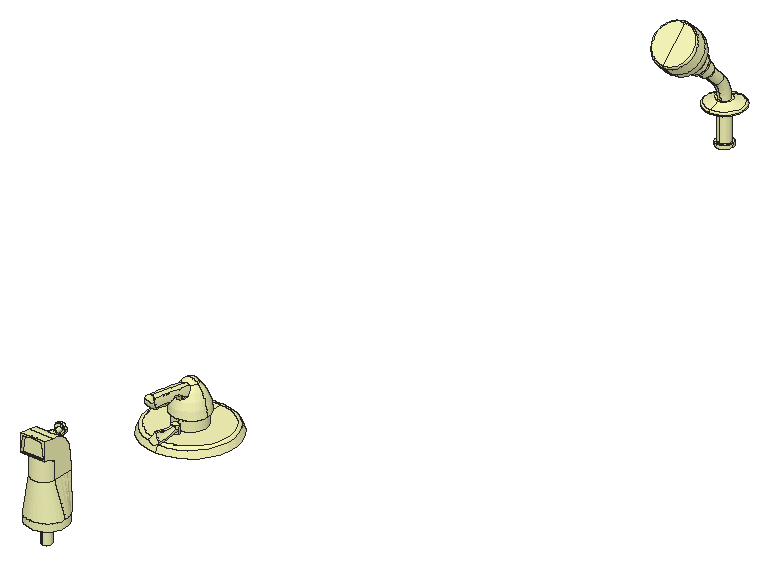
Revit family "S-9602-PLR-TRM", category Plumbing Fixtures, host Face, Revit 2019
Family settings
  Host = Face
  Round Connector Dimension = Use Diameter
  Part Type = Normal
  OmniClass Number = 23.65.70.11.11
  OmniClass Title = Fixtures for Liquids
  Cut with Voids When Loaded = No
  Shared = No
  Room Calculation Point = No
Parameters (values of type "2.0 GPM Flow Restrictor, Satin Nickel")
  z Wide Lever = 0
  z Visibility = yes
  z Valve = M Valve&diverter : Chrome
  z Type Model = 0
  z Type GPM = 0
  z Type Finish = 0
  z Type = 0
  z Slip On Tub = 0
  z Showerhead = shower head : Chrome
  z Reverse Core = 0
  z Pipe Radius = 0.000"
  z Overall Width = 0.000"
  z Overall Height = 0.000"
  z Overall Depth = 0.000"
  z Offset = 0.000"
  z Integral Service Stops = 0
  z Has Wide Lever Handle = yes
  z Has Volume Control = yes
  z Has Trim = no
  z Has Slip On Tub Spout = yes
  z Has Showerhead = yes
  z Has Reverse Core = yes
  z Has Rebuild Kit Trim Only = no
  z Has Integral Service Stops = yes
  z Has Check Stops = yes
  z Has 2.0 GPM Flow Restrictor = yes
  z Has 1.5 GPM Flow Restrictor = yes
  z Has .5 Inch Female Connections = yes
  z GPM Number = 0
  z GPM GPM = 0.000 GPM
  z Flow Rate = 0
  z Error Box Width = 0.000"
  z Error Box Height = 0.000"
  z Error Box Depth = 0.000"
  z .5 Inch Female Connections = 0
  z  Showerhead = 0
  Waste Connection = no
  Vent Connection = no
  URL = ""
  Product Material = Nickel - Symmons - Satin
  Model = ""
  Manufacturer = ""
  HW Connection = no
  Gallons Per Minute = 2.000 GPM
  Description = ""
  Default Elevation = 0.000"
  Date Modified = ""
  Date Created = ""
  CW Connection = no
Types (8): name | z Visibility | z Has Wide Lever Handle | z Has Volume Control | z Has Slip On Tub Spout | z Has Showerhead | z Has Reverse Core | z Has Integral Service Stops | z Has Check Stops | z Has 2.0 GPM Flow Restrictor | z Has 1.5 GPM Flow Restrictor | z Has .5 Inch Female Connections | Product Material | Gallons Per Minute
  1.2 GPM Flow Restrictor, Chrome | no | no | no | no | no | no | no | no | no | no | no | Chrome - Symmons - Polished | 1.200 GPM
  1.2 GPM Flow Restrictor, Satin Nickel | yes | no | no | no | no | no | no | no | no | no | no | Nickel - Symmons - Satin | 1.200 GPM
  1.5 GPM Flow Restrictor, Satin Nickel | no | yes | yes | yes | yes | no | no | no | no | no | no | Nickel - Symmons - Satin | 1.500 GPM
  1.75 GPM Flow Restrictor, Satin Nickel | yes | yes | yes | yes | yes | yes | yes | yes | yes | yes | yes | Nickel - Symmons - Satin | 1.750 GPM
  2.0 GPM Flow Restrictor, Satin Nickel | yes | yes | yes | yes | yes | yes | yes | yes | yes | yes | yes | Nickel - Symmons - Satin | 2.000 GPM
  1.5 GPM Flow Restrictor, Chrome | yes | no | no | no | no | no | no | no | no | no | no | Chrome - Symmons - Polished | 1.500 GPM
  1.75 GPM Flow Restrictor, Chrome | yes | yes | yes | yes | yes | yes | yes | yes | yes | yes | yes | Chrome - Symmons - Polished | 1.750 GPM
  2.0 GPM Flow Restrictor, Chrome | yes | yes | yes | yes | yes | yes | yes | yes | yes | yes | yes | Chrome - Symmons - Polished | 2.000 GPM
Reference planes (in)
  plane 1 "Center (Front/Back)": y = 0
  plane 2 "Center (Elevation)": z = 0
  plane 3 "Center (Left/Right)": x = 0
  plane 4: x = -3.75
  plane 5: y = 28.5
  plane 6: x = 3.75
  plane 7: z = 0
  plane 8: z = 9.325
  plane 9: y = -12
  plane 10: y = 45
  plane 11: z = 0
Dimensions and locks (in)
  equal spacing: plane 4, plane 3 "Center (Left/Right)", plane 6
  plane 4 to plane 6 = 7.500"
  plane 5 to plane 1 "Center (Front/Back)" = 28.500"
  plane 7 to plane 2 "Center (Elevation)" = 0.000"
  plane 8 to plane 7 = 9.325"
  locked: plane 1 "Center (Front/Back)" to plane 9 at 12
  locked: plane 10 to plane 1 "Center (Front/Back)" at 45
  plane 11 to plane 7 = 0.000"
  plane 10 to plane 9 = 57.000"
  aligned and locked: plane 2 "Center (Elevation)" to host face
  aligned and locked: level to host face
Automatic sketch dimensions
  host sketch curve to host sketch curve = 7.44425"
  host sketch curve to host sketch curve = 68.37699"
Nested families (in)
  nested 1: "shower head" at (0, 44.98453, 0), type "Chrome"
    with z Pipe Radius 0.250", z Overall Width 2.500", z Overall Height 2.500", z Overall Depth 7.500", z Offset 1.000", Part Number "", Part Description "Single Mode Showerhead, 2.0 Flow Rate Restrictor, Chrome", Equipment Number "", Gallons Per Minute 2.000 GPM
  nested 2: "M Valve&diverter" at (-0.00649, 0.06617, 0), type "Satin Nickel"
    with zz Length 9 4.000", zz Length 10 0.100", Part Number "3500-CYL-B", Part Description "Shower Valve System with Symmons Temptrol mixing valve,Chrome", Equipment Number ""
  nested 3: "faucet" at (0, -12.01, 0), type "Satin Nickel"
    with zz Length 9 0.000", zz Length 10 0.100", Part Number "", Part Description "Shower Valve System with Symmons Temptrol mixing valve,Chrome", Equipment Number ""
Connectors (in)
  piping at (0, 44.98453, -2.375), diameter 0.5
    settings: on nested 1, index 3, connector inside diameter 24", connector length 0.000", flow factor 0, pipe flow 0.000 GPM, pressure drop 0.00 psi, fitting loss kfactor 0, connector angle 0.000°, fixture units 0, engagement length 0.000", angle of deflection 0.000°, flow configuration 0, flow direction 0, fitting loss method 0, system type 29, joint type 0, gender type 0, connector reference index -1, connector utility 0, adjustable connector no, is connector primary yes, connector description "Shower Head Supply"
  piping at (0, -12.01, -1.36414), diameter 0.5
    settings: on nested 3, index 4, connector inside diameter 24", connector length 0.000", flow factor 0, pipe flow 0.000 GPM, pressure drop 0.00 psi, fitting loss kfactor 0, connector angle 0.000°, fixture units 0, engagement length 0.000", angle of deflection 0.000°, flow configuration 0, flow direction 0, fitting loss method 0, system type 29, joint type 0, gender type 0, connector reference index -1, connector utility 0, adjustable connector no, is connector primary no, connector description "Faucet Supply"
Definition of nested family "shower head"
  Parameters (values of type "Chrome")
    z Type GPM = 2
    z Type Flow Restrictor = 1
    z Type Finish = 1
    z Pipe Radius [instance] = 0.500"
    z Overall Width [instance] = 2.500"
    z Overall Height [instance] = 2.500"
    z Overall Depth [instance] = 7.500"
    z Offset [instance] = 1.000"
    z GPM Number = 2
    z GPM GPM = 1.000 GPM
    URL = "http://www.symmons.com/"
    Product Page URL = "http://www.symmons.com/Bathroom-Products/Duro/Symmons-Duro-Showerhead-362SH.aspx"
    Product Material = none
    Product Documentation Link = ""
    Part Number [instance] = "352SH-2.0"
    Part Description [instance] = "Single Mode Showerhead, 2.0 Flow Rate Restrictor, Chrome"
    Model Disclaimer = "Contact Symmons Industries, Inc. For More Information"
    Model = "352SH-2.0"
    Manufacturer = "Symmons Industries, Inc."
    Gallons Per Minute = 1.200 GPM
    Family Version = "1.0"
    Equipment Number [instance] = ""
    Equipment Abbreviation = "SH"
    Description = "Single Mode Showerhead, 2.0 Flow Rate Restrictor, Chrome"
    Default Elevation = 77.000"
    Date Modified = "January 30, 2015"
    Date Created = "January 30, 2015"
    Copyright = "©2015 Symmons Industries, Inc."
  Types (2): name | z Type GPM | z Type Flow Restrictor | z Type Finish | z Pipe Radius | z GPM Number | z GPM GPM | URL | Product Page URL | Part Number | Part Description | Model Disclaimer | Model | Manufacturer | Gallons Per Minute | Family Version | Equipment Abbreviation | Description | Default Elevation | Date Modified | Date Created | Copyright
    Satin Nickel | 0 | 0 | 0 | 0.250" | 0 | 0.000 GPM | "" | "" | "" | "" | "" | "" | "" | 0.000 GPM | "" | "" | "" | 0.000" | "" | "" | ""
    Chrome | 2 | 1 | 1 | 0.500" | 2 | 1.000 GPM | "http://www.symmons.com/" | "http://www.symmons.com/Bathroom-Products/Duro/Symmons-Duro-Showerhead-362SH.aspx" | "352SH-2.0" | "Single Mode Showerhead, 2.0 Flow Rate Restrictor, Chrome" | "Contact Symmons Industries, Inc. For More Information" | "352SH-2.0" | "Symmons Industries, Inc." | 1.200 GPM | "1.0" | "SH" | "Single Mode Showerhead, 2.0 Flow Rate Restrictor, Chrome" | 77.000" | "January 30, 2015" | "January 30, 2015" | "©2015 Symmons Industries, Inc."
  Reference planes (in)
    plane 1 "Center (Front/Back)": y = 0
    plane 2 "Center (Elevation)": z = 0
    plane 3 "Center (Left/Right)": x = 0
    plane 4: x = -1.25
    plane 5: y = 1.25
    plane 6: y = -1.25
    plane 7: x = 1.25
    plane 8: z = -1
    plane 9: z = 6.5
    plane 10: z = 0
    plane 11: y = -0.5
    plane 12: z = 0.33234
    plane 13: z = 0.15
    plane 14: y = -0.5695
  Forms (in)
    Extrusion 1, solid
      sketch origin (0, 0, 0) x (1, 0, 0) y (0, 1, 0)
        loop
          line (-1.75, 1.5) -> (-1.75, -1.77927) -> (1.52741, -1.77927) -> (1.52741, 1.5) -> (-1.75, 1.5)
      from 0 to -0.35383
    Revolve 2, solid, material <- "Product Material"
      sketch origin (0, 0, 0) x (0, 1, 0) y (0, 0, 1)
        loop
          line (0, 0.43) -> (-0.531, 0.43)
          arc (-0.531, 0.43) -> (-0.83077, 0.27718) -> (-1.152, 0.17705) r 1.98967
          arc (-1.152, 0.17705) -> (-1.22247, 0.13328) -> (-1.25, 0.05503) r 0.12497
          line (-1.25, 0.05503) -> (-1.25, 0) -> (-0.40524, 0) -> (-0.40524, -2.0983) -> (-0.37019, -2.11854) -> (-0.40524, -2.1364) -> (-0.40524, -2.16734) -> (-0.37033, -2.1875) -> (0, -2.1875) -> (0, 0.43)
        axis (0, -2.1875) -> (0, 0.43)
      angle from 0 to 360
    Revolve 3, solid, material <- "Product Material"
      sketch origin (0, 0, 0) x (0, 1, 0) y (0, 0, 1)
        loop
          line (-1.44893, 2.69442) -> (-4.27736, 5.52285) -> (-5.19512, 4.60509)
          arc (-5.19512, 4.60509) -> (-5.20669, 4.53512) -> (-5.17463, 4.47185) r 0.11397
          line (-5.17463, 4.47185) -> (-4.60328, 3.9005)
          arc (-4.60328, 3.9005) -> (-4.06, 3.55859) -> (-3.42138, 3.49354) r 1.40724
          arc (-3.42138, 3.49354) -> (-3.29656, 3.50007) -> (-3.18333, 3.44713) r 0.25784
          arc (-3.18333, 3.44713) -> (-3.16288, 3.42915) -> (-3.13674, 3.43676) r 0.02828
          line (-3.13674, 3.43676) -> (-3.09845, 3.47505) -> (-3.07648, 3.45308) -> (-3.11506, 3.4145) -> (-3.11506, 3.38343) -> (-3.08249, 3.416) -> (-3.02529, 3.4439) -> (-3.05483, 3.38834) -> (-3.03131, 3.36481) -> (-2.98876, 3.40736) -> (-2.96619, 3.38479) -> (-3.04685, 3.30413) -> (-2.85198, 3.10926) -> (-2.68557, 3.27567) -> (-2.66164, 3.24392) -> (-2.68364, 3.22193) -> (-2.636, 3.17429) -> (-2.67763, 3.13266) -> (-2.65558, 3.11061) -> (-2.7474, 3.01878)
          arc (-2.7474, 3.01878) -> (-2.70574, 3.00152) -> (-2.66407, 3.01878) r 0.05892
          line (-2.66407, 3.01878) -> (-2.54206, 3.14079)
          arc (-2.54206, 3.14079) -> (-2.44086, 3.09588) -> (-2.33184, 3.07652) r 0.45876
          line (-2.33184, 3.07652) -> (-2.26301, 3.00769) -> (-2.32244, 2.90048) -> (-1.92136, 2.49939) -> (-1.87345, 2.54729) -> (-1.85127, 2.52511) -> (-1.80643, 2.53464) -> (-1.81792, 2.49176) -> (-1.79616, 2.47) -> (-1.75329, 2.48149) -> (-1.76477, 2.43861) -> (-1.73476, 2.4086) -> (-1.44893, 2.69442)
        axis (-1.44893, 2.69442) -> (-4.27736, 5.52285)
      angle from 0 to 360
    Sweep 4, solid, material <- "Product Material"
      path origin (0, 0, 0) x (0, 1, 0) y (0, 0, 1)
        loop
          line (-1.4794, 2.72506) -> (-0.65089, 1.89655)
          arc (-0.65089, 1.89655) -> (-0.1891, 1.22379) -> (0, 0.43) r 2.23181
      profile origin (0, -1.06515, 2.3108) x (0, 0.707107, 0.707107) y (1, 0, 0)
        loop
          circle (-0.00012, 0) r 0.35413
    Extrusion 5, solid, material <- "Product Material"
      sketch origin (0, 0, 0) x (1, 0, 0) y (0, 1, 0)
        loop
          circle (0, 0) r 0.40524
        loop
          circle (0, 0) r 0.54462
      from -2.375 to -2.1875
  Lines and regions (in)
    Masking region 1
      outline origin (0, 0, 0) x (1, 0, 0) y (0, 0, 1)
        loop
          line (-1.25, 0) -> (-0.5, 0) -> (-0.5, -1) -> (0.5, -1) -> (0.5, 0) -> (1.25, 0) -> (1.25, 0.14959) -> (0.5695, 0.33234) -> (0.5, 0.33234) -> (0.5, 6.26256)
          spline (0.5, 6.26256) -> (0.53792, 6.27801) -> (0.5732, 6.29456) -> (0.60567, 6.31211) -> (0.63516, 6.33059) -> (0.66153, 6.3499) -> (0.68465, 6.36995) -> (0.70441, 6.39063) -> (0.72072, 6.41185) -> (0.73348, 6.43351) -> (0.74264, 6.45549) -> (0.74816, 6.47769) -> (0.75, 6.5)
          line (0.75, 6.5) -> (0.75, 7.07479) -> (1.25, 7.36347) -> (1.49591, 7.60938) -> (1.49591, 8.60938)
          spline (1.49591, 8.60938) -> (1.44494, 8.76866) -> (1.2955, 8.91709) -> (1.05777, 9.04454) -> (0.74795, 9.14235) -> (0.38717, 9.20383) -> (0, 9.2248) -> (-0.38717, 9.20383) -> (-0.74795, 9.14235) -> (-1.05777, 9.04454) -> (-1.2955, 8.91709) -> (-1.44494, 8.76866) -> (-1.49591, 8.60938)
          line (-1.49591, 8.60938) -> (-1.49591, 7.60938) -> (-1.25, 7.36347) -> (-0.75, 7.07479) -> (-0.75, 6.5)
          spline (-0.75, 6.5) -> (-0.74816, 6.47769) -> (-0.74264, 6.45549) -> (-0.73348, 6.43351) -> (-0.72072, 6.41185) -> (-0.70441, 6.39063) -> (-0.68465, 6.36995) -> (-0.66153, 6.3499) -> (-0.63516, 6.33059) -> (-0.60567, 6.31211) -> (-0.5732, 6.29456) -> (-0.53792, 6.27801) -> (-0.5, 6.26256)
          line (-0.5, 6.26256) -> (-0.5, 0.33234) -> (-0.5695, 0.33234) -> (-1.25, 0.14959) -> (-1.25, 0)
    symbolic lines, detail levels fine
      curve 1: line (-0.5, 0, 0.33234) -> (0.5, 0, 0.33234)
      curve 2: line (-1.25, 0, 0.14959) -> (1.25, 0, 0.14959)
      curve 3: spline (-0.5, 0, 6.26256) -> (-0.67885, 0, 6.36457) -> (-0.74948, 0, 6.48818) -> (-0.70063, 0, 6.61367) -> (-0.54008, 0, 6.72104) -> (-0.29343, 0, 6.79317) -> (0, 0, 6.81857) -> (0.29343, 0, 6.79317) -> (0.54008, 0, 6.72104) -> (0.70063, 0, 6.61367) -> (0.74948, 0, 6.48818) -> (0.67885, 0, 6.36457) -> (0.5, 0, 6.26256)
      curve 4: spline (-1.49591, 1.25, 7.60938) -> (-1.44494, 1.25, 7.80085) -> (-1.2955, 1.25, 7.97927) -> (-1.05777, 1.25, 8.13249) -> (-0.74795, 1.25, 8.25006) -> (-0.38717, 1.25, 8.32397) -> (0, 1.25, 8.34917) -> (0.38717, 1.25, 8.32397) -> (0.74795, 1.25, 8.25006) -> (1.05777, 1.25, 8.13249) -> (1.2955, 1.25, 7.97927) -> (1.44494, 1.25, 7.80085) -> (1.49591, 1.25, 7.60938)
      curve 5: spline (-0.5, 1.25, 6.5) -> (-0.48296, 1.25, 6.55497) -> (-0.43301, 1.25, 6.60619) -> (-0.35355, 1.25, 6.65017) -> (-0.25, 1.25, 6.68392) -> (-0.12941, 1.25, 6.70514) -> (0, 1.25, 6.71238) -> (0.12941, 1.25, 6.70514) -> (0.25, 1.25, 6.68392) -> (0.35355, 1.25, 6.65017) -> (0.43301, 1.25, 6.60619) -> (0.48296, 1.25, 6.55497) -> (0.5, 1.25, 6.5)
      curve 6: line (-0.5, 1.25, 6.5) -> (-0.5, 1.25, 6.26256)
      curve 7: line (0.5, 1.25, 6.5) -> (0.5, 1.25, 6.26256)
  Dimensions and locks (in)
    equal spacing: plane 4, plane 3 "Center (Left/Right)", plane 7
    "z Overall Width": plane 4 to plane 7
    equal spacing: plane 5, plane 1 "Center (Front/Back)", plane 6
    "z Overall Height": plane 5 to plane 6
    "z Overall Depth": plane 9 to plane 8
    plane 12 to plane 13 to plane 10 to plane 8 = 0.18234" locked, 0.150" locked, 1.000" locked
    plane 6 to plane 14 to plane 11 = 0.6805" locked, 0.0695" locked
    "z Offset": plane 2 "Center (Elevation)" to plane 8
    Masking region 1 sketch curve to Masking region 1 sketch curve to Masking region 1 sketch curve to Masking region 1 sketch curve to Masking region 1 sketch curve to plane 3 "Center (Left/Right)" to Masking region 1 sketch curve to Masking region 1 sketch curve to Masking region 1 sketch curve to Masking region 1 sketch curve to Masking region 1 sketch curve = 0.74591" locked, 0.1805" locked, 0.0695" locked, 0.000" locked, 0.500" locked, 0.500" locked, 0.000" locked, 0.0695" locked, 0.1805" locked, 0.74591" locked
    Masking region 1 sketch curve to Masking region 1 sketch curve to plane 2 "Center (Elevation)" = 0.000" locked, 0.33234" locked
    locked: curve 2 to plane 8 at 1.14959
    equal spacing: curve 1, plane 3 "Center (Left/Right)", curve 1
    locked: curve 1 to curve 1 at 1
    locked: curve 1 to plane 8 at 1.33234
    equal spacing: curve 3, plane 3 "Center (Left/Right)", curve 3
    locked: curve 3 to curve 3 at 1
    locked: curve 4 to plane 9 at 1.10938
    equal spacing: curve 4, plane 3 "Center (Left/Right)", curve 4
    locked: curve 4 to curve 4 at 2.99182
    curve 4 to curve 4 to plane 9 = 0.000" locked, 1.10938" locked
    Masking region 1 sketch curve to plane 9 to Masking region 1 sketch curve to Masking region 1 sketch curve to Masking region 1 sketch curve = 0.000" locked, 0.000" locked, 0.23744" locked, 0.000" locked
    plane 9 to curve 6 to curve 7 = 0.23744" locked, 0.000" locked
    aligned and locked: plane 2 "Center (Elevation)" to Extrusion 1
    aligned and locked: level to Extrusion 1
    aligned and locked: Revolve 2 sketch curve to plane 1 "Center (Front/Back)"
    aligned and locked: Masking region 1 sketch curve to plane 8
    aligned and locked: Masking region 1 sketch curve to plane 2 "Center (Elevation)"  (x2)
    aligned and locked: plane 7 to curve 2
    aligned and locked: plane 4 to curve 2
    aligned and locked: plane 9 to Masking region 1 sketch curve  (x2)
    aligned and locked: plane 3 "Center (Left/Right)" to Masking region 1 sketch curve  (x2)
    aligned and locked: plane 9 to curve 5  (x2)
    aligned and locked: plane 3 "Center (Left/Right)" to curve 5
    aligned and locked: plane 9 to curve 6
  Automatic sketch dimensions
    Extrusion 1 sketch curve to Extrusion 1 sketch curve = 3.27741"
    Extrusion 1 sketch curve to Extrusion 1 sketch curve = 3.27927"
    Masking region 1 sketch curve to plane 4 = 0.000"  (x2)
    Masking region 1 sketch curve to plane 7 = 0.000"  (x2)
    Masking region 1 sketch curve to Masking region 1 sketch curve = 0.14959"  (x2)
    Masking region 1 sketch curve to Masking region 1 sketch curve = 0.57479"  (x2)
    Masking region 1 sketch curve to Masking region 1 sketch curve = 0.28868"  (x2)
    Masking region 1 sketch curve to Masking region 1 sketch curve = 0.24591"  (x2)
    Masking region 1 sketch curve to Masking region 1 sketch curve = 1.000"
    curve 3 to plane 9 = 0.000"
    curve 3 to plane 3 "Center (Left/Right)" = 0.000"
    curve 3 to curve 3 = 0.250"
    curve 5 to curve 5 = 0.500"
    curve 3 to plane 9 = 0.23744"
    Revolve 2 sketch curve to level = 0.000"
    Revolve 2 sketch curve to plane 6 = 0.000"
    Revolve 2 sketch curve to plane 1 "Center (Front/Back)" = 0.000"
    Revolve 2 sketch curve to plane 6 = 0.33133"
    level to Revolve 2 sketch curve = 0.05503"
    plane 6 to Revolve 2 sketch curve = 0.12497"
    Revolve 2 sketch curve to plane 11 = 0.031"
    plane 11 to Revolve 2 sketch curve = 0.09476"
    Revolve 2 sketch curve to Revolve 2 sketch curve = 0.000"
    Revolve 2 sketch curve to Revolve 2 sketch curve = 0.03491"
    Revolve 2 sketch curve to plane 8 = 1.0983"
    Revolve 2 sketch curve to Revolve 2 sketch curve = 0.02016"
    plane 12 to Revolve 2 sketch curve = 0.09766"
    plane 12 to Revolve 2 sketch curve = 1.78751"
    Revolve 2 sketch curve to Revolve 2 sketch curve = 0.03505"
    Revolve 2 sketch curve to Revolve 2 sketch curve = 0.02024"
    Revolve 2 sketch curve to Revolve 2 sketch curve = 0.03095"
    Revolve 2 sketch curve to Revolve 2 sketch curve = 21.8125"
    plane 9 to Revolve 2 sketch curve = 79.77586"
    Revolve 2 sketch curve to Revolve 2 sketch curve = 0.03809"
    Revolve 3 sketch curve to plane 9 = 1.89491"
    Revolve 3 sketch curve to plane 6 = 3.94512"
    Revolve 3 sketch curve to plane 9 = 2.02815"
    Revolve 3 sketch curve to Revolve 3 sketch curve = 0.02049"
    Revolve 3 sketch curve to Revolve 3 sketch curve = 0.10108"
    Revolve 3 sketch curve to Revolve 3 sketch curve = 0.57135"  (x2)
    Revolve 3 sketch curve to plane 9 = 0.97715"  (x2)
    Revolve 3 sketch curve to Revolve 3 sketch curve = 0.81669"
    Revolve 3 sketch curve to Revolve 3 sketch curve = 0.67551"
    Revolve 3 sketch curve to Revolve 3 sketch curve = 1.25738"
    Revolve 3 sketch curve to Revolve 3 sketch curve = 0.18916"
    Revolve 3 sketch curve to Revolve 3 sketch curve = 0.020"  (x2)
    Revolve 3 sketch curve to Revolve 3 sketch curve = 0.02168"
    Revolve 3 sketch curve to Revolve 3 sketch curve = 0.03829"
    Revolve 3 sketch curve to Revolve 3 sketch curve = 0.03257"
    Revolve 3 sketch curve to Revolve 3 sketch curve = 0.02197"
    Revolve 3 sketch curve to Revolve 3 sketch curve = 0.02766"
    Revolve 3 sketch curve to Revolve 3 sketch curve = 0.00798"
    Revolve 3 sketch curve to Revolve 3 sketch curve = 0.02353"
    Revolve 3 sketch curve to Revolve 3 sketch curve = 0.05118"
    Revolve 3 sketch curve to Revolve 3 sketch curve = 0.03653"  (x2)
    Revolve 3 sketch curve to Revolve 3 sketch curve = 0.02257"
    Revolve 3 sketch curve to Revolve 3 sketch curve = 0.19487"
    Revolve 3 sketch curve to Revolve 3 sketch curve = 0.10458"
    Revolve 3 sketch curve to Revolve 3 sketch curve = 0.04167"  (x3)
    Revolve 3 sketch curve to Revolve 3 sketch curve = 0.02017"
    Revolve 3 sketch curve to Revolve 3 sketch curve = 0.00193"
    Revolve 3 sketch curve to Revolve 3 sketch curve = 0.02811"
    Revolve 3 sketch curve to Revolve 3 sketch curve = 0.02199"
    Revolve 3 sketch curve to Revolve 3 sketch curve = 0.02205"
    Revolve 3 sketch curve to Revolve 3 sketch curve = 0.04163"
    Revolve 3 sketch curve to Revolve 3 sketch curve = 0.09394"
    Revolve 3 sketch curve to Revolve 3 sketch curve = 0.21022"
    Revolve 3 sketch curve to Revolve 3 sketch curve = 0.0094"
    Revolve 3 sketch curve to Revolve 3 sketch curve = 0.35491"
    Revolve 3 sketch curve to Revolve 3 sketch curve = 0.06883"  (x2)
    Revolve 3 sketch curve to Revolve 3 sketch curve = 0.40108"
    Revolve 3 sketch curve to Revolve 3 sketch curve = 0.0479"
    Revolve 3 sketch curve to Revolve 3 sketch curve = 0.02219"
    Revolve 3 sketch curve to Revolve 3 sketch curve = 0.03334"  (x2)
    Revolve 3 sketch curve to Revolve 3 sketch curve = 0.01149"  (x2)
    Revolve 3 sketch curve to Revolve 3 sketch curve = 0.02176"  (x2)
    Revolve 3 sketch curve to Revolve 3 sketch curve = 0.03139"  (x2)
    Revolve 3 sketch curve to Revolve 3 sketch curve = 0.04287"  (x2)
    Revolve 3 sketch curve to Revolve 3 sketch curve = 0.03002"
    Revolve 3 sketch curve to plane 6 = 0.19893"
    Revolve 3 sketch curve to Revolve 3 sketch curve = 0.00763"
    Revolve 3 sketch curve to Revolve 3 sketch curve = 0.10722"
    Revolve 3 sketch curve to Revolve 3 sketch curve = 0.1183"
    Revolve 3 sketch curve to Revolve 3 sketch curve = 0.09048"
    Revolve 3 sketch curve to Revolve 3 sketch curve = 0.05016"
    Revolve 3 sketch curve to Revolve 3 sketch curve = 0.0335"
    Revolve 3 sketch curve to Revolve 3 sketch curve = 0.13773"
    Revolve 3 sketch curve to Revolve 3 sketch curve = 0.03175"
    Revolve 3 sketch curve to Revolve 3 sketch curve = 0.00491"
    Revolve 3 sketch curve to Revolve 3 sketch curve = 0.03106"
    Revolve 3 sketch curve to Revolve 3 sketch curve = 0.0015"
    Revolve 3 sketch curve to Revolve 3 sketch curve = 0.02226"
    Revolve 3 sketch curve to Revolve 3 sketch curve = 0.63369"
    Revolve 3 sketch curve to Revolve 3 sketch curve = 0.000"  (x3)
    Revolve 3 sketch curve to Revolve 3 sketch curve = 0.07548"
    Sweep 4 sketch curve to plane 1 "Center (Front/Back)" = 0.000"
    level to Sweep 4 sketch curve = 0.31842"
    Sweep 4 sketch curve to plane 6 = 0.97902"
    plane 6 to Sweep 4 sketch curve = 0.59911"
    Sweep 4 sketch curve to plane 6 = 0.2294"
    level to Sweep 4 sketch curve = 0.430"
    Sweep 4 sketch curve to Sweep 4 sketch curve = 0.82851"
    Sweep 4 sketch curve to plane 3 "Center (Left/Right)" = 0.000"
    profile plane to Sweep 4 sketch curve = 0.00012"
    Sweep 4 sketch curve to Sweep 4 sketch curve = 0.35413"
    Extrusion 5 sketch curve to Extrusion 5 sketch curve = 0.000"  (x2)
    plane 1 "Center (Front/Back)" to Extrusion 5 sketch curve = 0.000"
    Extrusion 5 sketch curve to plane 3 "Center (Left/Right)" = 0.000"
    radius of Extrusion 5 sketch curve = 0.40524"
    radius of Extrusion 5 sketch curve = 0.54462"
  Connectors (in)
    piping at (0, 0, -2.375), diameter 1.08
      settings: on Extrusion 5, index 1, connector inside diameter 24", connector length 0.000", flow factor 0, pipe flow 0.000 GPM, pressure drop 0.00 psi, fitting loss kfactor 0, connector angle 0.000°, fixture units 0, engagement length 0.000", angle of deflection 0.000°, flow configuration 0, flow direction 0, fitting loss method 0, system type 7, joint type 0, gender type 0, connector reference index -1, connector utility 0, adjustable connector no, is connector primary yes, connector description ""
Definition of nested family "M Valve&diverter"
  Parameters (values of type "Satin Nickel")
    zz Text 2 = "None Selected"
    zz Text 1 = "None Selected"
    zz Length 9 [instance] = 4.000"
    zz Length 10 [instance] = 0.100"
    URL = "http://www.symmons.com/"
    Product Page URL = "http://www.symmons.com/Bathroom-Products/Dia/Symmons-Dia-Shower-Valve-3500-CYL-B.aspx"
    Product Material = none
    Product Documentation Link = "http://www.symmons.com/~/media/Files/Symmons/Products/Dia/3500CYL_Dia_sub.pdf"
    Part Number [instance] = "3500-CYL-B"
    Part Description [instance] = "Shower Valve System with Symmons Temptrol mixing valve,Chrome"
    Model Disclaimer = "Contact Symmons Industries, Inc. For More Information"
    Model = "3500-CYL-B"
    Manufacturer = "Symmons Industries, Inc."
    Family Version = "1.0"
    Equipment Number [instance] = ""
    Equipment Abbreviation = "SVS"
    Description = "Shower Valve System with Symmons Temptrol mixing valve,Chrome"
    Default Elevation = 0.000"
    Date Modified = "January 30, 2015"
    Date Created = "January 30, 2015"
    Copyright = "©2015 Symmons Industries, Inc."
  Types (2): name | URL | Product Page URL | Product Documentation Link | Part Number | Part Description | Model Disclaimer | Model | Manufacturer | Family Version | Equipment Abbreviation | Description | Date Modified | Date Created | Copyright
    Chrome | "" | "" | "" | "" | "" | "" | "" | "" | "" | "" | "" | "" | "" | ""
    Satin Nickel | "http://www.symmons.com/" | "http://www.symmons.com/Bathroom-Products/Dia/Symmons-Dia-Shower-Valve-3500-CYL-B.aspx" | "http://www.symmons.com/~/media/Files/Symmons/Products/Dia/3500CYL_Dia_sub.pdf" | "3500-CYL-B" | "Shower Valve System with Symmons Temptrol mixing valve,Chrome" | "Contact Symmons Industries, Inc. For More Information" | "3500-CYL-B" | "Symmons Industries, Inc." | "1.0" | "SVS" | "Shower Valve System with Symmons Temptrol mixing valve,Chrome" | "January 30, 2015" | "January 30, 2015" | "©2015 Symmons Industries, Inc."
  Reference planes (in)
    plane 1 "Center (Front/Back)": y = 0
    plane 2 "Center (Elevation)": z = 0
    plane 3 "Center (Left/Right)": x = 0
    plane 4: x = -16
    plane 5: y = 3.75
    plane 6: y = -3.75
    plane 7: x = 16
    plane 8: z = 0
    plane 9: x = 3.25
    plane 10: x = -3.25
    plane 11: y = -5.75
  Forms (in)
    Extrusion 1, solid
      sketch origin (0, 0, 0) x (1, 0, 0) y (0, 1, 0)
        loop
          line (-3.25, 3.75) -> (-3.25, -3.75) -> (3.25, -3.75) -> (3.25, 3.75) -> (-3.25, 3.75)
      from 0 to -0.49403
  Dimensions and locks (in)
    equal spacing: plane 4, plane 3 "Center (Left/Right)", plane 7, locked at 16 each
    plane 4 to plane 7 = 32.000"
    equal spacing: plane 5, plane 1 "Center (Front/Back)", plane 6
    locked: plane 5 to plane 6 at 7.5
    equal spacing: plane 10, plane 3 "Center (Left/Right)", plane 9
    locked: plane 10 to plane 9 at 6.5
    locked: plane 6 to plane 11 at 2
    aligned and locked: plane 2 "Center (Elevation)" to Extrusion 1
    aligned and locked: level to Extrusion 1
  Automatic sketch dimensions
    Extrusion 1 sketch curve to Extrusion 1 sketch curve = 6.500"
    Extrusion 1 sketch curve to Extrusion 1 sketch curve = 7.500"
  Nested families (in)
    nested 1: "diverter" at (0, 0, 0), type "Chrome"
      with zz Length 9 0.000", zz Length 10 0.100", Part Number "3500-CYL-B", Part Description "Shower Valve System with Symmons Temptrol mixing valve,Chrome", Equipment Number ""
  Definition of nested family "diverter"
    Parameters (values of type "Satin Nickel")
      zz Text 2 = "None Selected"
      zz Text 1 = "None Selected"
      zz Length 9 [instance] = 0.000"  # constant formula
      zz Length 10 [instance] = 0.000"
      Waste Connection = no
      Vent Connection = no
      URL = ""
      Product Page URL = ""
      Product Material = none
      Product Documentation Link = ""
      Part Number [instance] = ""
      Part Description [instance] = ""
      Model Disclaimer = ""
      Model = ""
      Manufacturer = ""
      HW Connection = no
      Family Version = ""
      Equipment Number [instance] = ""
      Equipment Abbreviation = ""
      Description = ""
      Default Elevation = 0.000"  # constant formula
      Date Modified = ""
      Date Created = ""
      Copyright = ""
      CW Connection = no
    Types (3): name | zz Length 10 | URL | Product Page URL | Product Documentation Link | Part Number | Part Description | Model Disclaimer | Model | Manufacturer | Family Version | Equipment Abbreviation | Description | Date Modified | Date Created | Copyright
      Polished Chrome | 0.000" | "" | "" | "" | "" | "" | "" | "" | "" | "" | "" | "" | "" | "" | ""
      Satin Nickel | 0.000" | "" | "" | "" | "" | "" | "" | "" | "" | "" | "" | "" | "" | "" | ""
      Chrome | 0.100" | "http://www.symmons.com/" | "http://www.symmons.com/Bathroom-Products/Dia/Symmons-Dia-Shower-Valve-3500-CYL-B.aspx" | "http://www.symmons.com/~/media/Files/Symmons/Products/Dia/3500CYL_Dia_sub.pdf" | "3500-CYL-B" | "Shower Valve System with Symmons Temptrol mixing valve,Chrome" | "Contact Symmons Industries, Inc. For More Information" | "3500-CYL-B" | "Symmons Industries, Inc." | "1.0" | "SVS" | "Shower Valve System with Symmons Temptrol mixing valve,Chrome" | "January 30, 2015" | "January 30, 2015" | "©2015 Symmons Industries, Inc."
    Reference planes (in)
      plane 1 "Center (Front/Back)": y = 0
      plane 2 "Center (Elevation)": z = 0
      plane 3 "Center (Left/Right)": x = 0
      plane 4 "b1": y = -3.09246
      plane 5 "b2": y = -1.17246
    Forms (in)
      Extrusion 1, solid, material <- "Product Material", not visible
        sketch origin (0, 0, 0) x (1, 0, 0) y (0, 1, 0)
          loop
            line (-3.25, 3.75) -> (-3.25, -3.75) -> (3.25, -3.75) -> (3.25, 3.75) -> (-3.25, 3.75)
        from 0 to -0.49403
      Revolve 2, solid, material <- "Product Material"
        sketch origin (0, 0, 0) x (1, 0, 0) y (0, 0, 1)
          loop
            line (0, 1.32575) -> (0, 3.29294)
            arc (0, 3.29294) -> (-0.26223, 3.22792) -> (-0.46371, 3.04793) r 0.56132
            arc (-0.46371, 3.04793) -> (-0.97637, 2.2511) -> (-1.18004, 1.32575) r 2.68262
            line (-1.18004, 1.32575) -> (0, 1.32575)
          axis (0, 1.32575) -> (0, 3.29294)
        angle from 0 to 360
      Sweep 3, solid, material <- "Product Material"
        path origin (0, 0, 0) x (0, 1, 0) y (0, 0, 1)
          loop
            spline (-3.46104, 3.64859) -> (-2.7314, 3.54557) -> (-2.31762, 3.48227) -> (-2.05814, 3.43692) -> (-1.8128, 3.39104) -> (-1.56301, 3.34459) -> (-1.33191, 3.3037) -> (-1.12101, 3.26778) -> (-0.91375, 3.23067) -> (-0.69389, 3.18625) -> (-0.44827, 3.12911) -> (-0.15184, 3.03897) -> (0.27347, 2.83202)
        profile origin (0, -1.33191, 3.3037) x (0, 0.168931, 0.985628) y (1, 0, 0)
          loop
            arc (-0.82742, 0) -> (-0.75571, -0.21852) -> (-0.58525, -0.37291) r 0.44918
            arc (-0.58525, -0.37291) -> (-0.32566, -0.3437) -> (-0.07626, -0.26597) r 1.3764
            arc (-0.07626, -0.26597) -> (-0.01085, -0.14081) -> (0, 0) r 0.35132
            arc (0, 0) -> (-0.01085, 0.14081) -> (-0.07626, 0.26597) r 0.35132
            arc (-0.07626, 0.26597) -> (-0.32566, 0.3437) -> (-0.58525, 0.37291) r 1.3764
            arc (-0.58525, 0.37291) -> (-0.75571, 0.21852) -> (-0.82742, 0) r 0.44918
      Revolve 4, void
        sketch origin (0, 0, 0) x (0, 1, 0) y (0, 0, 1)
          loop
            arc (-0.95581, 2.28645) -> (-0.96929, 2.34342) -> (-0.98932, 2.39844) r 0.50162
            arc (-0.98932, 2.39844) -> (-1.40662, 2.81321) -> (-1.99486, 2.82526) r 0.79126
            line (-1.99486, 2.82526) -> (-2.55581, 2.71622)
            arc (-2.55581, 2.71622) -> (-2.71348, 2.71297) -> (-2.87024, 2.7302) r 1.21378
            arc (-2.87024, 2.7302) -> (-3.02083, 2.76634) -> (-3.16589, 2.82059) r 1.2673
            arc (-3.16589, 2.82059) -> (-3.37699, 3.01068) -> (-3.43607, 3.28854) r 0.45972
            arc (-3.43607, 3.28854) -> (-3.35265, 3.50817) -> (-3.1716, 3.6579) r 0.45972
            line (-3.1716, 3.6579) -> (-3.86299, 3.76709) -> (-4.02039, 2.77044) -> (-0.95581, 2.28645)
          axis (-0.79841, 3.2831) -> (-3.86299, 3.76709)
        angle from -75.816 to 75.039
      Revolve 5, solid, material <- "Product Material"
        sketch origin (0, 0, 0) x (0, 1, 0) y (0, 0, 1)
          loop
            line (0, 2.22775) -> (-0.16651, 2.22775) -> (-0.20247, 2.19179) -> (-0.20247, 1.69179) -> (-0.2295, 1.66476) -> (-0.2295, 1.57075) -> (-0.33051, 1.57075) -> (-0.33051, 1.45083) -> (-0.37303, 1.40831) -> (-0.37303, 1.37325) -> (-0.40664, 1.37325) -> (-0.48106, 1.29883) -> (-0.50016, 1.26575) -> (-0.96713, 1.26575)
            arc (-0.96713, 1.26575) -> (-1.00171, 1.25143) -> (-1.01603, 1.21685) r 0.0489
            line (-1.01603, 1.21685) -> (-1.01603, 0.54853) -> (-2.52384, 0.54853)
            arc (-2.52384, 0.54853) -> (-2.64884, 0.51387) -> (-2.73813, 0.41977) r 0.2427
            line (-2.73813, 0.41977) -> (-2.90773, 0) -> (-2.75674, 0) -> (-2.59168, 0.40853) -> (0, 0.40853) -> (0, 2.22775)
          axis (0, 2.22775) -> (0, 0)
        angle from 0 to 360
      SweptBlend 6, solid, material <- "Product Material"
        path origin (0, 0, 0) x (0, 1, 0) y (0, 0, 1)
          loop
            arc (-3.09282, 0.74881) -> (-2.1402, 0.57223) -> (-1.17226, 0.61452) r 4.27835
        profile origin (0, -3.09282, 0.74881) x (0, 0.292419, 0.95629) y (1, 0, 0)
          loop
            arc (0.57303, -0.03327) -> (0.57821, 0.00181) -> (0.5654, 0.03488) r 0.06949
            arc (0.5654, 0.03488) -> (0.29242, 0.15126) -> (0.08225, 0.36076) r 0.78406
            arc (0.08225, 0.36076) -> (0.04113, 0.36833) -> (0, 0.36076) r 0.11557
            arc (0, 0.36076) -> (-0.09235, 0.18825) -> (-0.14576, 0) r 0.91146
            arc (-0.14576, 0) -> (-0.09235, -0.18825) -> (0, -0.36076) r 0.91146
            arc (0, -0.36076) -> (0.04113, -0.36833) -> (0.08225, -0.36076) r 0.11557
            arc (0.08225, -0.36076) -> (0.29566, -0.14909) -> (0.57303, -0.03327) r 0.78406
        end profile origin (0, -1.17226, 0.61452) x (0, -0.156483, 0.987681) y (1, 0, 0)
          loop
            arc (0.35992, 0.08394) -> (0.30514, 0.12677) -> (0.25389, 0.17377) r 0.88406
            arc (0.25389, 0.17377) -> (0.20384, 0.19293) -> (0.15477, 0.17137) r 0.07051
            arc (0.15477, 0.17137) -> (0.12345, 0.08716) -> (0.10163, 0) r 0.81146
            arc (0.10163, 0) -> (0.12345, -0.08716) -> (0.15477, -0.17137) r 0.81146
            arc (0.15477, -0.17137) -> (0.20384, -0.19293) -> (0.25389, -0.17377) r 0.07051
            arc (0.25389, -0.17377) -> (0.30514, -0.12677) -> (0.35992, -0.08394) r 0.88406
            arc (0.35992, -0.08394) -> (0.39083, 0) -> (0.35992, 0.08394) r 0.12942
      Extrusion 7, solid, material <- "Product Material"
        sketch origin (0, 0, 0.00781) x (1, 0, 0) y (0, 1, 0)
          loop
            circle (0, -1.2535) r 0.22579
        from 0.41977 to 0.99554
    Cuts and joins
      Revolve 4 cuts Sweep 3
      joined: SweptBlend 6, Extrusion 7
    Dimensions and locks (in)
      aligned and locked: plane 2 "Center (Elevation)" to Extrusion 1
      aligned and locked: level to Extrusion 1
Definition of nested family "faucet"
  Parameters (values of type "Chrome")
    zz Text 2 = "None Selected"
    zz Text 1 = "None Selected"
    zz Length 9 [instance] = 0.000"  # constant formula
    zz Length 10 [instance] = 0.000"
    Waste Connection = no
    Vent Connection = no
    URL = ""
    Product Page URL = ""
    Product Material = none
    Product Documentation Link = ""
    Part Number [instance] = ""
    Part Description [instance] = ""
    Model Disclaimer = ""
    Model = ""
    Manufacturer = ""
    HW Connection = no
    Family Version = ""
    Equipment Number [instance] = ""
    Equipment Abbreviation = ""
    Description = ""
    Default Elevation = 0.000"  # constant formula
    Date Modified = ""
    Date Created = ""
    Copyright = ""
    CW Connection = no
  Types (2): name
    Satin Nickel
    Chrome
  Reference planes (in)
    plane 1 "Center (Front/Back)": y = 0
    plane 2 "Center (Elevation)": z = 0
    plane 3 "Center (Left/Right)": x = 0
    plane 4: x = -16
    plane 5: y = 3.75
    plane 6: y = -3.75
    plane 7: x = 16
    plane 8: z = 0
    plane 9: x = 3.25
    plane 10: x = -3.25
    plane 11: y = -5.75
  Forms (in)
    Extrusion 1, solid, material <- "Product Material"
      sketch origin (0, 0, 0) x (1, 0, 0) y (0, 1, 0)
        loop
          line (-3.25, 3.75) -> (-3.25, -3.75) -> (3.25, -3.75) -> (3.25, 3.75) -> (-3.25, 3.75)
      from 0 to -0.106
    SweptBlend 2, solid, material <- "Product Material"
      path origin (0, 2, 0) x (0, 1, 0) y (0, 0, 1)
        loop
          line (-2, 0.47) -> (-2, 2.85066)
      profile origin (0, 0, 0.47) x (0, -1, 0) y (1, 0, 0)
        loop
          arc (-1.01866, -0.77736) -> (-0.56044, -1.15233) -> (0.01744, -1.28127) r 1.28139
          arc (0.01744, -1.28127) -> (1.28134, -0.01157) -> (0.04057, 1.28075) r 1.28139
          arc (0.04057, 1.28075) -> (-0.54946, 1.15761) -> (-1.01791, 0.77834) r 1.28139
          arc (-1.01791, 0.77834) -> (-1.28139, 0.00062) -> (-1.01866, -0.77736) r 1.28139
      end profile origin (0, 0, 2.85066) x (0, -1, 0) y (1, 0, 0)
        loop
          line (-0.967, -0.80353) -> (0.26748, -0.80251)
          arc (0.26748, -0.80251) -> (1.07774, -0.02824) -> (0.34107, 0.81635) r 0.8111
          line (0.34107, 0.81635) -> (-0.967, 0.81635) -> (-0.967, -0.80353)
    Extrusion 3, solid, material <- "Product Material"
      sketch origin (2.67615, 2, -2.45502) x (0, 1, 0) y (0, 0, 1)
        loop
          line (-1.033, 5.30568) -> (-1.12081, 6.49892)
          arc (-1.12081, 6.49892) -> (-1.51158, 7.44232) -> (-2.45498, 7.83308) r 1.33416
          line (-2.45498, 7.83308) -> (-3.24, 7.9715) -> (-3.24, 6.80502)
          arc (-3.24, 6.80502) -> (-2.32733, 6.31866) -> (-2.11903, 5.30568) r 1.21609
          line (-2.11903, 5.30568) -> (-1.033, 5.30568)
      from -3.47968 to -1.85981
    Extrusion 4, solid, material <- "Product Material"
      sketch origin (0, 2.1875, 0) x (1, 0, 0) y (0, 1, 0)
        loop
          arc (-0.80251, -2.45498) -> (-0.02824, -3.26524) -> (0.81635, -2.52857) r 0.8111
          line (0.81635, -2.52857) -> (0.81635, -2.11075) -> (-0.80353, -2.11075) -> (-0.80251, -2.45498)
      from 2.48443 to 4.402
    Revolve 5, solid, material <- "Product Material"
      sketch origin (0, 2.01577, 0) x (0, 1, 0) y (0, 0, 1)
        loop
          line (-2.32882, -0.13505) -> (-2.32882, -1.36414) -> (-2.26577, -1.36414) -> (-2.26577, -0.13505) -> (-2.32882, -0.13505)
        axis (-2.01577, -0.13505) -> (-2.01577, -1.36414)
      angle from 0 to 360
    Revolve 6, solid, material <- "Product Material"
      sketch origin (0, 2, 0) x (0, 1, 0) y (0, 0, 1)
        loop
          line (-0.75543, 5) -> (-0.78721, 5.3633) -> (-0.89781, 5.3633) -> (-0.93828, 5.32283) -> (-0.93828, 5.15461) -> (-1.404, 5.15461) -> (-1.404, 5.11126)
          arc (-1.404, 5.11126) -> (-1.437, 5.14426) -> (-1.47, 5.11126) r 0.033
          line (-1.47, 5.11126) -> (-1.47, 5.16988)
          arc (-1.47, 5.16988) -> (-1.4835, 5.20247) -> (-1.51608, 5.21596) r 0.04608
          line (-1.51608, 5.21596) -> (-1.92325, 5.21596) -> (-1.92325, 5) -> (-0.75543, 5)
        axis (-1.92325, 5) -> (-0.75543, 5)
      angle from 0 to 360
    Extrusion 7, void
      sketch origin (0, 2, 0) x (1, 0, 0) y (0, 0, 1)
        loop
          line (-0.74978, 4.372) -> (0.74978, 4.372) -> (0.64864, 5.30985)
          arc (0.64864, 5.30985) -> (0.61822, 5.38329) -> (0.54478, 5.41371) r 0.10386
          arc (0.54478, 5.41371) -> (0, 5.48699) -> (-0.54478, 5.41371) r 2.06178
          arc (-0.54478, 5.41371) -> (-0.61822, 5.38329) -> (-0.64864, 5.30985) r 0.10386
          line (-0.64864, 5.30985) -> (-0.74978, 4.372)
      from 3.07242 to 3.50149
    Blend 8, solid, material <- "Product Material"
      base sketch origin (0, 0, 0) x (1, 0, 0) y (0, 1, 0)
        loop
          arc (0.5052, 1.1776) -> (-0.71246, 1.06506) -> (-1.28127, -0.01744) r 1.28139
          arc (-1.28127, -0.01744) -> (0.71246, -1.06506) -> (0.5052, 1.1776) r 1.28139
      top sketch origin (0, 0, 0) x (1, 0, 0) y (0, 1, 0)
        loop
          arc (0.5052, 1.1776) -> (-0.71246, 1.06506) -> (-1.28127, -0.01744) r 1.28139
          arc (-1.28127, -0.01744) -> (0.71246, -1.06506) -> (0.5052, 1.1776) r 1.28139
      from 0 to 0.47
    Extrusion 9, void
      sketch origin (0, 0, -1.36414) x (0, 1, 0) y (-1, 0, 0)
        loop
          circle (0, 0) r 0.25
      from 0 to 0.5
    Extrusion 10, void
      sketch origin (0, 0, 0) x (0, 1, 0) y (0, 0, 1)
        loop
          arc (-1.53446, 4.32899) -> (-0.18548, 3.619) -> (-0.58985, 2.1492) r 1.21609
          line (-0.58985, 2.1492) -> (1.32675, 2.1492) -> (1.32675, 5.1492) -> (-1.53446, 5.1492) -> (-1.53446, 4.32899)
      from -1.20648 to 1.1944
  Cuts and joins
    Extrusion 7, Extrusion 9 cuts Revolve 6
    Extrusion 9 cuts SweptBlend 2
    Extrusion 7, Extrusion 9 cuts Extrusion 3
    Extrusion 9, Extrusion 10 cuts Extrusion 4
    joined: SweptBlend 2, Extrusion 3, Extrusion 4
    Extrusion 9 cuts Revolve 5
    Extrusion 9 cuts Blend 8
  Dimensions and locks (in)
    equal spacing: plane 4, plane 3 "Center (Left/Right)", plane 7, locked at 16 each
    plane 4 to plane 7 = 32.000"
    equal spacing: plane 5, plane 1 "Center (Front/Back)", plane 6
    locked: plane 5 to plane 6 at 7.5
    equal spacing: plane 10, plane 3 "Center (Left/Right)", plane 9
    locked: plane 10 to plane 9 at 6.5
    locked: plane 6 to plane 11 at 2
    aligned and locked: plane 2 "Center (Elevation)" to Extrusion 1
    aligned and locked: level to Extrusion 1
  Automatic sketch dimensions
    Extrusion 1 sketch curve to Extrusion 1 sketch curve = 6.500"
    Extrusion 1 sketch curve to Extrusion 1 sketch curve = 7.500"
    plane 6 to SweptBlend 2 sketch curve = 3.750"
    level to SweptBlend 2 sketch curve = 0.470"
    SweptBlend 2 sketch curve to SweptBlend 2 sketch curve = 2.38066"
    plane 6 to Extrusion 3 sketch curve = 2.4487"
    plane 6 to Extrusion 3 sketch curve = 2.510"
    Extrusion 3 sketch curve to Extrusion 3 sketch curve = 0.78502"
    Extrusion 3 sketch curve to Extrusion 3 sketch curve = 1.18227"
    Extrusion 3 sketch curve to plane 1 "Center (Front/Back)" = 0.87919"
    Extrusion 3 sketch curve to plane 1 "Center (Front/Back)" = 0.967"
    level to Extrusion 3 sketch curve = 2.85066"
    Extrusion 3 sketch curve to Extrusion 3 sketch curve = 0.2848"
    Extrusion 3 sketch curve to Extrusion 3 sketch curve = 1.19324"
    Extrusion 3 sketch curve to Extrusion 3 sketch curve = 0.13842"
    Revolve 6 sketch curve to plane 1 "Center (Front/Back)" = 0.07675"
    Revolve 6 sketch curve to Revolve 6 sketch curve = 0.40717"
    Revolve 6 sketch curve to Revolve 6 sketch curve = 0.04608"
    Revolve 6 sketch curve to Revolve 6 sketch curve = 0.033"
    Revolve 6 sketch curve to Revolve 6 sketch curve = 0.46572"
    Revolve 6 sketch curve to Revolve 6 sketch curve = 0.04047"  (x2)
    Revolve 6 sketch curve to Revolve 6 sketch curve = 0.1106"
    level to Revolve 6 sketch curve = 5.11126"
    Revolve 6 sketch curve to Revolve 6 sketch curve = 0.04334"
    Revolve 6 sketch curve to Revolve 6 sketch curve = 0.05862"
    Revolve 6 sketch curve to Revolve 6 sketch curve = 0.16822"
    Revolve 6 sketch curve to Revolve 6 sketch curve = 0.000"  (x2)
    Revolve 6 sketch curve to Revolve 6 sketch curve = 0.18285"
    Revolve 6 sketch curve to Revolve 6 sketch curve = 0.250"
    Revolve 6 sketch curve to Revolve 6 sketch curve = 0.15461"
    Extrusion 7 sketch curve to plane 3 "Center (Left/Right)" = 0.000"
    Extrusion 7 sketch curve to plane 3 "Center (Left/Right)" = 0.54478"
    Extrusion 7 sketch curve to Extrusion 7 sketch curve = 0.10386"  (x2)
    Extrusion 7 sketch curve to plane 3 "Center (Left/Right)" = 0.74978"
    plane 3 "Center (Left/Right)" to Extrusion 7 sketch curve = 0.54478"
    plane 3 "Center (Left/Right)" to Extrusion 7 sketch curve = 0.74978"
    level to Extrusion 7 sketch curve = 3.4252"
    Extrusion 7 sketch curve to Extrusion 7 sketch curve = 0.9468"
    Extrusion 7 sketch curve to Extrusion 7 sketch curve = 0.93785"
    profile plane to SweptBlend 2 sketch curve = 0.967"
    SweptBlend 2 sketch curve to plane 3 "Center (Left/Right)" = 0.80353"
    SweptBlend 2 sketch curve to profile plane = 0.26748"  (x2)
    plane 3 "Center (Left/Right)" to SweptBlend 2 sketch curve = 0.00859"
    SweptBlend 2 sketch curve to profile plane = 0.34107"
    SweptBlend 2 sketch curve to plane 3 "Center (Left/Right)" = 0.80251"
    SweptBlend 2 sketch curve to plane 3 "Center (Left/Right)" = 0.000"
    SweptBlend 2 sketch curve to profile plane = 0.000"
    SweptBlend 2 sketch curve to SweptBlend 2 sketch curve = 0.000"  (x5)
    SweptBlend 2 sketch curve to plane 3 "Center (Left/Right)" = 0.77736"
    profile plane to SweptBlend 2 sketch curve = 1.01791"
    profile plane to SweptBlend 2 sketch curve = 1.01866"
    SweptBlend 2 sketch curve to profile plane = 0.04057"
    SweptBlend 2 sketch curve to profile plane = 0.01744"
    Blend 8 sketch curve to Blend 8 sketch curve = 0.000"  (x3)
    plane 1 "Center (Front/Back)" to Blend 8 sketch curve = 0.000"  (x2)
    Blend 8 sketch curve to plane 3 "Center (Left/Right)" = 0.000"  (x2)
    plane 3 "Center (Left/Right)" to Blend 8 sketch curve = 0.5052"  (x2)
    plane 1 "Center (Front/Back)" to Blend 8 sketch curve = 0.01744"  (x2)
    Blend 8 sketch curve to plane 1 "Center (Front/Back)" = 1.1776"
    Blend 8 sketch curve to plane 3 "Center (Left/Right)" = 1.28127"
    Revolve 5 sketch curve to plane 1 "Center (Front/Back)" = 0.000"
    Revolve 5 sketch curve to level = 1.36414"
    Revolve 5 sketch curve to level = 0.13505"
    Revolve 5 sketch curve to Revolve 5 sketch curve = 0.06304"
    Revolve 5 sketch curve to Revolve 5 sketch curve = 0.64617"
    Revolve 5 sketch curve to Revolve 5 sketch curve = 0.000"
    plane 1 "Center (Front/Back)" to Revolve 5 sketch curve = 0.250"
    plane 3 "Center (Left/Right)" to Extrusion 4 sketch curve = 0.00859"
    plane 1 "Center (Front/Back)" to Extrusion 4 sketch curve = 0.34107"
    plane 1 "Center (Front/Back)" to Extrusion 4 sketch curve = 0.26748"
    Extrusion 4 sketch curve to plane 3 "Center (Left/Right)" = 0.80353"
    Extrusion 4 sketch curve to Extrusion 4 sketch curve = 0.00101"
    Extrusion 4 sketch curve to Extrusion 4 sketch curve = 0.000"
    Extrusion 4 sketch curve to plane 1 "Center (Front/Back)" = 0.07675"
    plane 1 "Center (Front/Back)" to Extrusion 10 sketch curve = 1.53446"
    Extrusion 10 sketch curve to Extrusion 10 sketch curve = 0.23316"
    plane 1 "Center (Front/Back)" to Extrusion 10 sketch curve = 0.58985"
    Extrusion 10 sketch curve to plane 5 = 2.42325"
    level to Extrusion 10 sketch curve = 2.1492"
    Extrusion 10 sketch curve to Extrusion 10 sketch curve = 0.98626"
    Extrusion 10 sketch curve to Extrusion 10 sketch curve = 3.000"
    radius of Extrusion 9 sketch curve to Revolve 5 = 0.000"
  Connectors (in)
    piping at (0, 0, -1.36414), diameter 0.5
      settings: on Extrusion 9, index 1, connector inside diameter 24", connector length 0.000", flow factor 0, pipe flow 0.000 GPM, pressure drop 0.00 psi, fitting loss kfactor 0, connector angle 0.000°, fixture units 0, engagement length 0.000", angle of deflection 0.000°, flow configuration 0, flow direction 0, fitting loss method 0, system type 22, joint type 0, gender type 0, connector reference index -1, connector utility 0, adjustable connector no, is connector primary yes, connector description "Tub Spout Supply"
